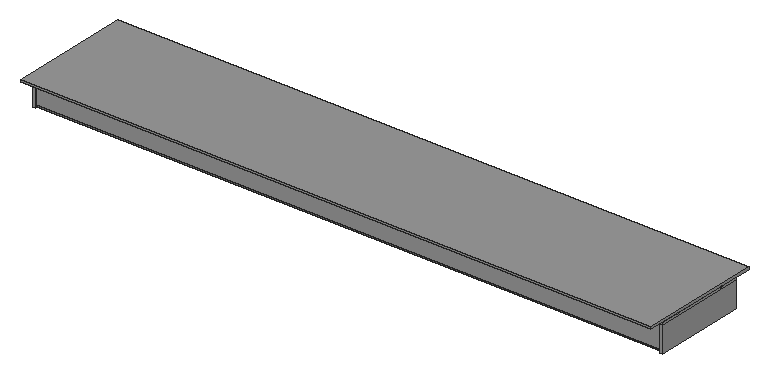
Revit family "Berica 2.2 M", category Lighting Fixtures, Revit 2020 (continued)
Definition of nested family "Light Source Berica 2.2"
  Types (4, lengths in mm): name | Photometric Web File | built-in parameter 1150142
    asymmetrical | "BERICA 2.2 A [3000K 54W 230Vac].IES" | "IESNA:LM-63-2002\r\n[TEST] 20201106-1625\r\n[TESTLAB] L&L\r\n[TESTDATE] 6 Nov 2020\r\n[ISSUEDATE] 6 Nov 2020\r\n[MANUFAC] L&L\r\n[LUMCAT] BERICA 2.2 A [3000K 54W 230Vac]\r\n[LUMINAIRE] BERICA 2.2 A [3000K 54W 230Vac]\r\n[FLASHAREA] 0.002806\r\n[LAMPCAT] Midpower LED\r\n[LAMP] Midpower LED\r\nTILT=NONE\r\n128 39.94 1.0 181 73 1 2 0.020 0.580 0.000\r\n1.00 1.00 54.00\r\n0.00 1.00 2.00 3.00 4.00 5.00 6.00 7.00 8.00 9.00 10.00 \r\n11.00 12.00 13.00 14.00 15.00 16.00 17.00 18.00 19.00 \r\n20.00 21.00 22.00 23.00 24.00 25.00 26.00 27.00 28.00 \r\n29.00 30.00 31.00 32.00 33.00 34.00 35.00 36.00 37.00 \r\n38.00 39.00 40.00 41.00 42.00 43.00 44.00 45.00 46.00 \r\n47.00 48.00 49.00 50.00 51.00 52.00 53.00 54.00 55.00 \r\n56.00 57.00 58.00 59.00 60.00 61.00 62.00 63.00 64.00 \r\n65.00 66.00 67.00 68.00 69.00 70.00 71.00 72.00 73.00 \r\n74.00 75.00 76.00 77.00 78.00 79.00 80.00 81.00 82.00 \r\n83.00 84.00 85.00 86.00 87.00 88.00 89.00 90.00 91.00 \r\n92.00 93.00 94.00 95.00 96.00 97.00 98.00 99.00 100.00 \r\n101.00 102.00 103.00 104.00 105.00 106.00 107.00 108.00 \r\n109.00 110.00 111.00 112.00 113.00 114.00 115.00 116.00 \r\n117.00 118.00 119.00 120.00 121.00 122.00 123.00 124.00 \r\n125.00 126.00 127.00 128.00 129.00 130.00 131.00 132.00 \r\n133.00 134.00 135.00 136.00 137.00 138.00 139.00 140.00 \r\n141.00 142.00 143.00 144.00 145.00 146.00 147.00 148.00 \r\n149.00 150.00 151.00 152.00 153.00 154.00 155.00 156.00 \r\n157.00 158.00 159.00 160.00 161.00 162.00 163.00 164.00 \r\n165.00 166.00 167.00 168.00 169.00 170.00 171.00 172.00 \r\n173.00 174.00 175.00 176.00 177.00 178.00 179.00 180.00 \r\n0.00 5.00 10.00 15.00 20.00 25.00 30.00 35.00 40.00 45.00 \r\n50.00 55.00 60.00 65.00 70.00 75.00 80.00 85.00 90.00 \r\n95.00 100.00 105.00 110.00 115.00 120.00 125.00 130.00 \r\n135.00 140.00 145.00 150.00 155.00 160.00 165.00 170.00 \r\n175.00 180.00 185.00 190.00 195.00 200.00 205.00 210.00 \r\n215.00 220.00 225.00 230.00 235.00 240.00 245.00 250.00 \r\n255.00 260.00 265.00 270.00 275.00 280.00 285.00 290.00 \r\n295.00 300.00 305.00 310.00 315.00 320.00 325.00 330.00 \r\n335.00 340.00 345.00 350.00 355.00 360.00 \r\n1098.39 1097.99 1096.85 1095.16 1093.24 1090.63 1087.40 \r\n1083.44 1078.69 1073.08 1067.47 1060.45 1053.46 1044.91 \r\n1036.30 1027.98 1017.59 1007.31 996.49 984.55 972.44 \r\n959.80 946.67 933.93 920.40 905.28 890.12 874.43 859.69 \r\n842.86 828.28 811.42 794.56 776.80 759.79 741.61 725.45 \r\n707.33 689.25 671.12 652.64 635.54 616.79 598.61 581.15 \r\n563.52 544.54 527.80 510.70 492.78 474.74 457.98 440.49 \r\n424.91 407.57 391.39 375.65 359.41 343.95 328.10 313.48 \r\n298.24 283.90 269.15 255.39 241.42 227.95 214.14 201.79 \r\n188.49 175.54 162.86 150.90 139.38 127.22 116.34 104.76 \r\n93.93 82.50 73.07 62.60 53.63 44.67 36.34 29.72 21.96 \r\n16.42 11.58 7.74 4.89 4.16 4.89 7.74 11.58 16.42 21.96 \r\n29.72 36.34 44.67 53.63 62.60 73.07 82.50 93.93 104.76 \r\n116.34 127.22 139.38 150.90 162.86 175.54 188.49 201.79 \r\n214.14 227.95 241.42 255.39 269.15 283.90 298.24 313.48 \r\n328.10 343.95 359.41 375.65 391.39 407.57 424.91 440.49 \r\n457.98 474.74 492.78 510.70 527.80 544.54 563.52 581.15 \r\n598.61 616.79 635.54 652.64 671.12 689.25 707.33 725.45 \r\n741.61 759.79 776.80 794.56 811.42 828.28 842.86 859.69 \r\n874.43 890.12 905.28 920.40 933.93 946.67 959.80 972.44 \r\n984.55 996.49 1007.31 1017.59 1027.98 1036.30 1044.91 \r\n1053.46 1060.45 1067.47 1073.08 1078.69 1083.44 1087.40 \r\n1090.63 1093.24 1095.16 1096.85 1097.99 1098.39 \r\n1098.39 1092.65 1087.46 1080.81 1074.64 1067.65 1059.48 \r\n1050.85 1042.30 1032.75 1023.44 1012.43 1000.80 989.57 \r\n976.37 964.64 951.36 938.42 924.31 911.14 895.26 881.87 \r\n865.50 851.73 835.74 819.39 804.19 787.39 771.51 755.37 \r\n739.75 723.04 707.05 690.34 674.15 657.20 641.11 624.46 \r\n608.67 592.45 577.38 561.67 544.85 529.68 513.90 499.42 \r\n483.74 469.36 454.98 440.14 425.54 411.69 397.82 384.21 \r\n371.06 357.53 344.17 331.55 319.45 307.02 294.30 281.74 \r\n269.96 257.74 246.08 235.06 224.11 212.73 201.97 190.22 \r\n180.00 168.99 158.79 148.15 138.11 128.23 117.49 107.58 \r\n98.49 88.81 79.75 70.68 62.17 54.94 47.31 41.11 35.21 \r\n30.56 26.74 23.87 23.16 23.87 26.74 30.56 35.21 41.11 \r\n47.31 54.94 62.17 70.68 79.75 88.81 98.49 107.58 117.49 \r\n128.23 138.11 148.15 158.79 168.99 180.00 190.22 201.97 \r\n212.73 224.11 235.06 246.08 257.74 269.96 281.74 294.30 \r\n307.02 319.45 331.55 344.17 357.53 371.06 384.21 397.82 \r\n411.69 425.54 440.14 454.98 469.36 483.74 499.42 513.90 \r\n529.68 544.85 561.67 577.38 592.45 608.67 624.46 641.11 \r\n657.20 674.15 690.34 707.05 723.04 739.75 755.37 771.51 \r\n787.39 804.19 819.39 835.74 851.73 865.50 881.87 895.26 \r\n911.14 924.31 938.42 951.36 964.64 976.37 989.57 1000.80 \r\n1012.43 1023.44 1032.75 1042.30 1050.85 1059.48 1067.65 \r\n1074.64 1080.81 1087.46 1092.65 1098.39 \r\n1098.39 1087.79 1077.22 1066.90 1056.02 1044.08 1032.84 \r\n1020.13 1007.09 994.75 980.08 966.85 951.65 937.25 922.28 \r\n907.08 891.47 875.84 861.07 844.62 829.80 813.23 797.89 \r\n781.68 765.74 749.84 734.28 718.29 701.95 686.88 671.71 \r\n657.14 641.33 626.33 610.81 596.00 580.68 566.90 552.04 \r\n538.36 524.58 509.90 496.45 482.65 470.66 456.52 444.76 \r\n432.19 420.21 407.81 396.56 384.09 373.07 361.88 349.89 \r\n339.52 328.63 318.06 307.81 297.24 287.07 276.92 267.18 \r\n257.96 247.58 238.66 229.19 219.72 210.96 201.97 192.60 \r\n184.00 174.86 166.32 157.60 148.97 140.49 131.64 123.52 \r\n114.31 105.83 97.92 89.93 82.90 76.08 69.45 64.64 59.89 \r\n55.96 53.32 52.54 53.32 55.96 59.89 64.64 69.45 76.08 \r\n82.90 89.93 97.92 105.83 114.31 123.52 131.64 140.49 \r\n148.97 157.60 166.32 174.86 184.00 192.60 201.97 210.96 \r\n219.72 229.19 238.66 247.58 257.96 267.18 276.92 287.07 \r\n297.24 307.81 318.06 328.63 339.52 349.89 361.88 373.07 \r\n384.09 396.56 407.81 420.21 432.19 444.76 456.52 470.66 \r\n482.65 496.45 509.90 524.58 538.36 552.04 566.90 580.68 \r\n596.00 610.81 626.33 641.33 657.14 671.71 686.88 701.95 \r\n718.29 734.28 749.84 765.74 781.68 797.89 813.23 829.80 \r\n844.62 861.07 875.84 891.47 907.08 922.28 937.25 951.65 \r\n966.85 980.08 994.75 1007.09 1020.13 1032.84 1044.08 \r\n1056.02 1066.90 1077.22 1087.79 1098.39 \r\n1098.39 1082.51 1067.70 1052.74 1038.12 1022.25 1006.18 \r\n990.31 973.82 958.07 941.28 924.51 907.16 889.96 872.48 \r\n856.25 840.62 823.39 806.10 789.00 772.81 756.54 740.65 \r\n723.82 708.11 691.89 677.43 660.42 645.69 630.03 617.07 \r\n602.29 587.79 573.86 561.11 547.28 534.35 521.63 508.05 \r\n496.55 483.55 472.68 460.78 449.11 438.17 426.83 416.63 \r\n406.02 396.14 385.93 376.12 366.30 357.31 347.79 338.91 \r\n329.96 321.48 312.42 304.54 296.39 288.40 280.52 272.14 \r\n264.91 257.19 250.16 242.02 235.31 227.90 220.60 213.26 \r\n206.17 199.31 192.17 184.51 176.53 168.70 159.73 152.19 \r\n143.28 135.59 128.04 120.65 114.13 107.82 102.37 97.14 \r\n93.03 89.21 87.27 86.46 87.27 89.21 93.03 97.14 102.37 \r\n107.82 114.13 120.65 128.04 135.59 143.28 152.19 159.73 \r\n168.70 176.53 184.51 192.17 199.31 206.17 213.26 220.60 \r\n227.90 235.31 242.02 250.16 257.19 264.91 272.14 280.52 \r\n288.40 296.39 304.54 312.42 321.48 329.96 338.91 347.79 \r\n357.31 366.30 376.12 385.93 396.14 406.02 416.63 426.83 \r\n438.17 449.11 460.78 472.68 483.55 496.55 508.05 521.63 \r\n534.35 547.28 561.11 573.86 587.79 602.29 617.07 630.03 \r\n645.69 660.42 677.43 691.89 708.11 723.82 740.65 756.54 \r\n772.81 789.00 806.10 823.39 840.62 856.25 872.48 889.96 \r\n907.16 924.51 941.28 958.07 973.82 990.31 1006.18 1022.25 \r\n1038.12 1052.74 1067.70 1082.51 1098.39 \r\n1098.39 1077.33 1059.24 1039.91 1019.93 1001.02 981.87 \r\n962.82 943.10 925.12 904.80 886.51 868.31 849.43 829.87 \r\n811.16 793.72 775.74 759.29 740.78 723.89 707.42 691.44 \r\n675.05 659.51 642.95 627.73 612.11 598.06 582.90 572.94 \r\n559.78 546.57 534.11 520.91 509.90 497.60 486.75 475.16 \r\n465.13 454.51 444.59 434.63 425.32 415.37 406.48 397.46 \r\n389.35 381.16 372.88 365.08 357.20 349.89 342.27 335.06 \r\n328.58 321.71 314.97 308.67 302.51 296.26 290.62 284.48 \r\n278.94 273.31 267.69 262.68 256.96 250.91 244.84 238.35 \r\n231.92 224.69 217.02 209.15 201.38 193.48 185.50 177.54 \r\n170.39 162.84 156.97 150.80 145.27 140.38 135.29 131.47 \r\n127.46 124.77 122.81 121.86 122.81 124.77 127.46 131.47 \r\n135.29 140.38 145.27 150.80 156.97 162.84 170.39 177.54 \r\n185.50 193.48 201.38 209.15 217.02 224.69 231.92 238.35 \r\n244.84 250.91 256.96 262.68 267.69 273.31 278.94 284.48 \r\n290.62 296.26 302.51 308.67 314.97 321.71 328.58 335.06 \r\n342.27 349.89 357.20 365.08 372.88 381.16 389.35 397.46 \r\n406.48 415.37 425.32 434.63 444.59 454.51 465.13 475.16 \r\n486.75 497.60 509.90 520.91 534.11 546.57 559.78 572.94 \r\n582.90 598.06 612.11 627.73 642.95 659.51 675.05 691.44 \r\n707.42 723.89 740.78 759.29 775.74 793.72 811.16 829.87 \r\n849.43 868.31 886.51 904.80 925.12 943.10 962.82 981.87 \r\n1001.02 1019.93 1039.91 1059.24 1077.33 1098.39 \r\n1098.39 1071.96 1049.55 1025.96 1002.51 982.12 956.66 \r\n937.16 915.18 893.57 872.39 852.22 831.02 813.06 791.83 \r\n771.86 753.28 733.52 717.08 698.71 681.61 664.29 647.82 \r\n631.59 617.36 600.23 587.36 572.81 558.83 545.87 536.39 \r\n524.85 513.36 501.70 490.40 480.21 469.61 460.50 450.41 \r\n441.97 433.06 424.43 416.07 408.74 401.46 393.55 386.57 \r\n379.63 373.38 366.69 360.48 354.68 348.66 342.91 337.99 \r\n332.39 327.94 323.21 318.58 314.04 310.15 305.77 301.89 \r\n297.54 292.90 288.26 282.98 277.16 271.41 264.66 258.14 \r\n250.83 243.26 236.25 228.68 221.82 214.47 208.19 202.74 \r\n197.08 191.38 186.86 182.28 178.11 173.76 169.66 166.37 \r\n163.10 160.83 158.97 158.72 158.97 160.83 163.10 166.37 \r\n169.66 173.76 178.11 182.28 186.86 191.38 197.08 202.74 \r\n208.19 214.47 221.82 228.68 236.25 243.26 250.83 258.14 \r\n264.66 271.41 277.16 282.98 288.26 292.90 297.54 301.89 \r\n305.77 310.15 314.04 318.58 323.21 327.94 332.39 337.99 \r\n342.91 348.66 354.68 360.48 366.69 373.38 379.63 386.57 \r\n393.55 401.46 408.74 416.07 424.43 433.06 441.97 450.41 \r\n460.50 469.61 480.21 490.40 501.70 513.36 524.85 536.39 \r\n545.87 558.83 572.81 587.36 600.23 617.36 631.59 647.82 \r\n664.29 681.61 698.71 717.08 733.52 753.28 771.86 791.83 \r\n813.06 831.02 852.22 872.39 893.57 915.18 937.16 956.66 \r\n982.12 1002.51 1025.96 1049.55 1071.96 1098.39 \r\n1098.39 1067.61 1042.10 1015.61 990.10 963.08 938.38 \r\n914.44 889.65 868.00 844.71 823.45 799.81 779.35 758.12 \r\n737.76 717.17 699.20 680.26 662.50 645.45 628.03 613.63 \r\n597.40 582.88 568.23 555.07 541.46 529.11 516.53 509.01 \r\n498.37 487.76 477.77 468.21 459.77 450.69 442.14 434.93 \r\n427.09 419.81 413.09 405.97 399.90 393.42 387.84 382.42 \r\n377.06 371.86 367.11 362.77 358.10 354.02 350.01 346.51 \r\n342.91 339.51 336.32 332.81 329.51 326.14 322.20 318.47 \r\n313.63 309.36 303.78 298.49 292.22 286.00 279.31 272.68 \r\n266.05 259.31 252.41 246.60 242.21 237.11 233.29 228.97 \r\n225.37 221.12 217.22 214.08 210.58 207.58 203.75 201.78 \r\n198.64 197.03 195.32 195.29 195.32 197.03 198.64 201.78 \r\n203.75 207.58 210.58 214.08 217.22 221.12 225.37 228.97 \r\n233.29 237.11 242.21 246.60 252.41 259.31 266.05 272.68 \r\n279.31 286.00 292.22 298.49 303.78 309.36 313.63 318.47 \r\n322.20 326.14 329.51 332.81 336.32 339.51 342.91 346.51 \r\n350.01 354.02 358.10 362.77 367.11 371.86 377.06 382.42 \r\n387.84 393.42 399.90 405.97 413.09 419.81 427.09 434.93 \r\n442.14 450.69 459.77 468.21 477.77 487.76 498.37 509.01 \r\n516.53 529.11 541.46 555.07 568.23 582.88 597.40 613.63 \r\n628.03 645.45 662.50 680.26 699.20 717.17 737.76 758.12 \r\n779.35 799.81 823.45 844.71 868.00 889.65 914.44 938.38 \r\n963.08 990.10 1015.61 1042.10 1067.61 1098.39 \r\n1098.39 1063.04 1032.24 1002.62 973.97 945.00 919.18 \r\n892.78 866.73 843.05 817.36 794.09 770.71 749.53 726.52 \r\n706.94 686.31 667.69 647.91 630.54 614.11 597.65 582.68 \r\n567.72 554.24 540.38 527.87 515.24 504.32 492.86 486.81 \r\n476.94 468.52 459.65 451.53 443.68 436.37 429.81 422.71 \r\n416.87 410.80 405.32 399.77 394.94 390.28 386.02 381.88 \r\n378.43 374.82 371.47 368.40 365.41 362.60 359.88 357.06 \r\n354.45 351.72 348.76 345.79 342.37 338.86 334.37 330.48 \r\n325.23 320.39 314.90 309.20 302.82 296.96 291.41 285.24 \r\n279.75 274.58 271.50 268.13 265.10 261.72 259.31 256.10 \r\n253.39 250.68 247.53 245.01 242.50 239.74 237.73 235.64 \r\n233.79 231.80 230.43 230.60 230.43 231.80 233.79 235.64 \r\n237.73 239.74 242.50 245.01 247.53 250.68 253.39 256.10 \r\n259.31 261.72 265.10 268.13 271.50 274.58 279.75 285.24 \r\n291.41 296.96 302.82 309.20 314.90 320.39 325.23 330.48 \r\n334.37 338.86 342.37 345.79 348.76 351.72 354.45 357.06 \r\n359.88 362.60 365.41 368.40 371.47 374.82 378.43 381.88 \r\n386.02 390.28 394.94 399.77 405.32 410.80 416.87 422.71 \r\n429.81 436.37 443.68 451.53 459.65 468.52 476.94 486.81 \r\n492.86 504.32 515.24 527.87 540.38 554.24 567.72 582.68 \r\n597.65 614.11 630.54 647.91 667.69 686.31 706.94 726.52 \r\n749.53 770.71 794.09 817.36 843.05 866.73 892.78 919.18 \r\n945.00 973.97 1002.62 1032.24 1063.04 1098.39 \r\n1098.39 1060.43 1025.82 993.78 962.94 932.24 903.60 \r\n874.02 847.12 820.11 794.75 771.85 746.62 724.57 700.97 \r\n681.12 658.85 640.51 622.49 605.62 588.18 573.73 558.71 \r\n544.87 531.83 518.77 507.20 496.03 485.88 475.92 471.58 \r\n462.84 455.23 447.53 440.75 433.45 427.58 421.83 416.63 \r\n411.72 406.77 402.71 399.05 395.58 392.26 389.28 386.50 \r\n384.06 381.94 379.90 377.88 375.64 373.53 371.34 368.90 \r\n366.23 363.65 360.59 357.39 353.61 349.86 345.46 340.68 \r\n335.69 330.49 325.09 319.82 314.52 309.20 304.26 300.14 \r\n298.18 295.94 293.54 291.62 289.62 287.84 285.79 283.92 \r\n281.48 279.35 277.86 275.96 274.19 272.39 270.56 268.99 \r\n267.26 265.72 264.91 264.65 264.91 265.72 267.26 268.99 \r\n270.56 272.39 274.19 275.96 277.86 279.35 281.48 283.92 \r\n285.79 287.84 289.62 291.62 293.54 295.94 298.18 300.14 \r\n304.26 309.20 314.52 319.82 325.09 330.49 335.69 340.68 \r\n345.46 349.86 353.61 357.39 360.59 363.65 366.23 368.90 \r\n371.34 373.53 375.64 377.88 379.90 381.94 384.06 386.50 \r\n389.28 392.26 395.58 399.05 402.71 406.77 411.72 416.63 \r\n421.83 427.58 433.45 440.75 447.53 455.23 462.84 471.58 \r\n475.92 485.88 496.03 507.20 518.77 531.83 544.87 558.71 \r\n573.73 588.18 605.62 622.49 640.51 658.85 681.12 700.97 \r\n724.57 746.62 771.85 794.75 820.11 847.12 874.02 903.60 \r\n932.24 962.94 993.78 1025.82 1060.43 1098.39 \r\n1098.39 1056.53 1019.18 982.52 948.99 916.96 886.84 \r\n857.52 828.31 799.87 772.79 747.89 722.80 701.37 676.42 \r\n656.06 635.61 616.93 599.67 582.17 567.11 551.78 537.56 \r\n524.71 512.74 500.84 490.50 480.57 471.16 462.64 458.47 \r\n451.16 444.61 437.89 431.88 426.40 421.63 417.08 412.87 \r\n409.39 406.22 403.01 400.55 398.03 396.01 394.20 392.57 \r\n391.08 389.66 388.18 386.85 385.19 383.60 381.45 378.91 \r\n376.25 373.42 370.59 367.10 363.32 358.82 354.72 349.54 \r\n345.10 340.40 335.41 330.40 325.96 323.59 321.63 320.36 \r\n319.08 318.06 316.03 315.40 313.69 312.98 311.00 309.82 \r\n308.38 307.82 306.16 304.91 303.99 302.52 301.58 300.04 \r\n298.91 297.33 296.99 296.48 296.99 297.33 298.91 300.04 \r\n301.58 302.52 303.99 304.91 306.16 307.82 308.38 309.82 \r\n311.00 312.98 313.69 315.40 316.03 318.06 319.08 320.36 \r\n321.63 323.59 325.96 330.40 335.41 340.40 345.10 349.54 \r\n354.72 358.82 363.32 367.10 370.59 373.42 376.25 378.91 \r\n381.45 383.60 385.19 386.85 388.18 389.66 391.08 392.57 \r\n394.20 396.01 398.03 400.55 403.01 406.22 409.39 412.87 \r\n417.08 421.63 426.40 431.88 437.89 444.61 451.16 458.47 \r\n462.64 471.16 480.57 490.50 500.84 512.74 524.71 537.56 \r\n551.78 567.11 582.17 599.67 616.93 635.61 656.06 676.42 \r\n701.37 722.80 747.89 772.79 799.87 828.31 857.52 886.84 \r\n916.96 948.99 982.52 1019.18 1056.53 1098.39 \r\n1098.39 1055.06 1014.47 976.85 938.09 906.68 872.53 \r\n842.76 812.83 783.76 755.60 729.91 706.03 680.39 659.33 \r\n636.43 618.65 598.81 582.18 564.80 549.75 535.22 522.87 \r\n511.01 499.11 488.27 478.76 469.78 461.03 453.49 449.92 \r\n443.84 437.85 432.72 427.73 423.38 419.82 416.25 413.40 \r\n410.64 408.55 406.54 404.94 403.60 402.60 401.67 400.73 \r\n399.99 399.17 398.62 397.59 395.85 393.90 391.47 388.79 \r\n386.22 383.32 380.44 376.47 372.92 368.37 364.16 359.79 \r\n355.44 351.29 346.71 344.29 343.40 343.00 341.73 341.18 \r\n340.51 339.87 339.18 338.76 337.92 337.39 336.25 335.68 \r\n335.11 334.32 333.62 332.92 332.84 331.51 330.51 329.44 \r\n328.13 3
